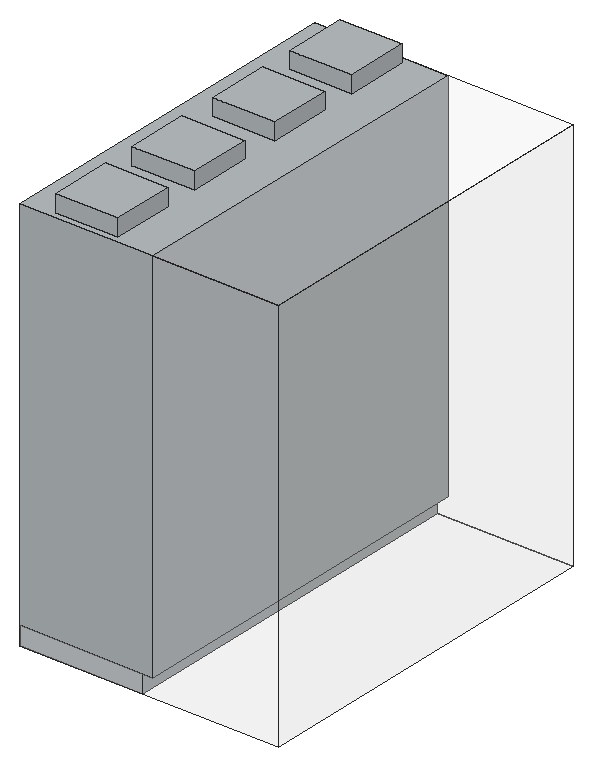
Revit family "lf-150_200x2-(f)60_60Hz", category 機械設備, Revit 2019
Family settings
  丸型コネクタ寸法 = 直径を使用
  パーツ タイプ = 標準
  OmniClass 番号 = 23.75.10.34.21
  OmniClass タイトル = Heat Exchangers for Ventilation Air
  作業面ベース = いいえ
  常に垂直 = はい
  ロード時にボイドで切り取り = いいえ
  共有 = いいえ
  部屋計算ポイント = はい
Parameters (values of type "LF-200X2-F60")
  騒音レベル(dB(A)) = 48
  風量 = 2000.0 m³/h
  面風速 = 6.17 m/s
  電源種別 [instance] = ""
  電圧 = 200 V
  電動機出力 = 0 W
  集中コントローラ = ""
  運転質量 = 0.00 kg
  連動 [instance] = ""
  質量 = if(製品質量 > 運転質量, 製品質量, 運転質量) * 1.2  # 354.00 kg
  負荷分類 = 3_ファン類
  説明 = "設備用ロスナイ 床置形 インバータ端子付"
  設計風量 = 0.0 m³/h
  設置方法 = "床置形"
  記号 [instance] = ""
  製造元 = "三菱電機株式会社"
  製品質量 = 295.00 kg
  製品出荷対象 = "国内"
  製品リリース年月 = "2018/7/25"
  製品グループ = ""
  系統 [instance] = ""
  符号 = "HEU"
  積算_科目 = "1 空気調和設備"
  積算_拾い区分 [instance] = ""
  相 = 3
  盤記号 [instance] = ""
  発停方法 [instance] = ""
  特殊仕様 [instance] = ""
  火災停止 [instance] = ""
  温度交換効率 = 75.00%
  消費電力 = 1650 W
  法定耐用年数 = "15"
  機外静圧_排気 = 330.0 Pa
  機外静圧 = 330.0 Pa
  極数 = 3
  材質 [instance] = ""
  本体固定用穴ピッチ2 = 850 mm
  本体固定用穴ピッチ1 = 550 mm
  本体固定用穴_径 = 20 mm
  本体マテリアル = 溶融亜鉛めっき鋼板
  操作・制御方式 = ""
  操作・制御スイッチ = ""
  排気量 = 0.0 m³/h
  形式 = "床置形"
  幹線記号 [instance] = ""
  対象室 [instance] = ""
  実風量 = 0.0 m³/h
  始動方式 [instance] = "直入"
  外気量 = 0.0 m³/h
  呼称 = "全熱交換ユニット"
  周波数 = 60 Hz
  参照している仕様書等のバージョン = "公共建築工事標準仕様書（機械設備工事編）平成31年度版"
  初期抵抗 = 0.0 Pa
  分類コード = "50052504100050"
  分類グループ = ""
  価格 = 4227000
  企業コード = "108420"
  付属品_フィルター_還気 = ""
  付属品_フィルター = ""
  付属品 [instance] = ""
  仕様書バージョン = "Version1.0"
  モデル = "LF-200X2-F60"
  メンテナンススペース = yes
  コメント [instance] = ""
  Keynote = ""
  エンタルピ交換効率_暖房 = 68.00%
  エンタルピ交換効率_冷房 = 65.00%
  Assembly Code = ""
  Width = 635 mm
  W1 = 585 mm
  Version = ""
  Uniclass2015Version = "Systems v1.9"
  Uniclass2015Title = "Thermal wheels"
  Uniclass2015Code = "Pr_60_60_36_88"
  URL = "https://www.mitsubishielectric.co.jp/ldg/wink/ssl/displayProduct.do?pid=294071"
  SpecificationReference = ""
  SpecificationDescription = ""
  SAサイズ_W = 298 mm
  SAサイズ_D = 298 mm
  Revision = ""
  RAサイズ_W = 298 mm
  RAサイズ_D = 298 mm
  ProductInformation = ""
  OmniClassCode = "23-27 23 19 11"
  OAサイズ_W = 298 mm
  OAサイズ_D = 298 mm
  MIN風量 = 0.0 m³/h
  MIN静圧 = 0.0 Pa
  MID風量 = 0.0 m³/h
  MID静圧 = 0.0 Pa
  MAX風量 = 2000.0 m³/h
  MAX静圧 = 330.0 Pa
  IfcTypeProduct = ""
  IfcProduct = ""
  IfcExportType = "ROTARYWHEEL"
  IfcExportAs = "IfcAirToAirHeatRecoveryType"
  Height = 1800 mm
  H1 = 90 mm
  EAサイズ_W = 298 mm
  EAサイズ_D = 298 mm
  Duct_Pitch2 = 458 mm
  Duct_Pitch1 = 479 mm
  Duct_Height = 80 mm
  Depth = 1760 mm
  D1 = 1750 mm
  Clearance Top = 0 mm
  Clearance Right = 600 mm
  Clearance Left = 0 mm
  Clearance Front = 0 mm
  Clearance Bottom = 0 mm
  Clearance Back = 0 mm
  Author = "三菱電機株式会社"
Types (4, lengths in mm): name | 騒音レベル(dB(A)) | 風量 | 面風速 | 質量 | 説明 | 製品質量 | 消費電力 | 機外静圧_排気 | 機外静圧 | 価格 | モデル | URL | MAX風量 | MAX静圧
  LF-150X2-60 | 43.5 | 1500.0 m³/h | 4.63 m/s | 348.00 kg | "設備用ロスナイ 床置形" | 290.00 kg | 1210 W | 320.0 Pa | 320.0 Pa | 3213000 | "LF-150X2-60" | "https://www.mitsubishielectric.co.jp/ldg/wink/ssl/displayProduct.do?pid=294051" | 1500.0 m³/h | 320.0 Pa
  LF-200X2-60 | 48 | 2000.0 m³/h | 6.17 m/s | 354.00 kg | "設備用ロスナイ 床置形" | 295.00 kg | 1650 W | 330.0 Pa | 330.0 Pa | 3843000 | "LF-200X2-60" | "https://www.mitsubishielectric.co.jp/ldg/wink/ssl/displayProduct.do?pid=294053" | 2000.0 m³/h | 330.0 Pa
  LF-150X2-F60 | 43.5 | 1500.0 m³/h | 4.63 m/s | 348.00 kg | "設備用ロスナイ 床置形 インバータ端子付" | 290.00 kg | 1210 W | 320.0 Pa | 320.0 Pa | 3532000 | "LF-150X2-F60" | "https://www.mitsubishielectric.co.jp/ldg/wink/ssl/displayProduct.do?pid=294070" | 1500.0 m³/h | 320.0 Pa
  LF-200X2-F60 | 48 | 2000.0 m³/h | 6.17 m/s | 354.00 kg | "設備用ロスナイ 床置形 インバータ端子付" | 295.00 kg | 1650 W | 330.0 Pa | 330.0 Pa | 4227000 | "LF-200X2-F60" | "https://www.mitsubishielectric.co.jp/ldg/wink/ssl/displayProduct.do?pid=294071" | 2000.0 m³/h | 330.0 Pa
Reference planes
  plane 1 "中心(正面/背面)": y = 0
  plane 2: z = 0
  plane 3 "中心(左/右)": x = 0
  plane 4: x = 292.5
  plane 5: x = 342.5
  plane 6: y = 880
  plane 7: y = 875
  plane 8: y = -880
  plane 9: y = -875
  plane 10: x = -292.5
  plane 11: x = -292.5
  plane 12: y = 239.5
  plane 13: y = 697.5
  plane 14: y = -239.5
  plane 15: y = -697.5
  plane 16: y = -548.5
  plane 17: y = -846.5
  plane 18: y = -90.5
  plane 19: y = -388.5
  plane 20: y = 388.5
  plane 21: y = 90.5
  plane 22: y = 846.5
  plane 23: y = 548.5
  plane 24: x = -149
  plane 25: x = 149
  plane 26: z = 90
  plane 27: z = 1890
  plane 28: z = 1970
  plane 29: y = 850
  plane 30: y = -850
  plane 31: x = -275
  plane 32: x = 275
  plane 33: x = 942.5
  plane 34: x = -292.5
  plane 35: y = 880
  plane 36: y = -880
  plane 37: z = 1890
  plane 38: z = 0
Forms (mm)
  Extrusion 1, solid, material "溶融亜鉛めっき鋼板" <- "本体マテリアル", detail levels fine
    sketch origin (0, 0, 0) x (1, 0, 0) y (0, 1, 0)
      loop
        line (-292.5, 880) -> (-292.5, -880) -> (342.5, -880) -> (342.5, 880) -> (-292.5, 880)
    from 90 to 1890
  Extrusion 2, solid, material "溶融亜鉛めっき鋼板" <- "本体マテリアル", detail levels fine
    sketch origin (0, 0, 0) x (1, 0, 0) y (0, 1, 0)
      loop
        line (-292.5, 875) -> (-292.5, -875) -> (292.5, -875) -> (292.5, 875) -> (-292.5, 875)
    from 0 to 90
  Extrusion 3, solid, material "溶融亜鉛めっき鋼板" <- "本体マテリアル", detail levels fine
    sketch origin (0, 0, 0) x (1, 0, 0) y (0, 1, 0)
      loop
        line (-149, 846.5) -> (-149, 548.5) -> (149, 548.5) -> (149, 846.5) -> (-149, 846.5)
      loop
        line (-149, 388.5) -> (-149, 90.5) -> (149, 90.5) -> (149, 388.5) -> (-149, 388.5)
      loop
        line (-149, -388.5) -> (149, -388.5) -> (149, -90.5) -> (-149, -90.5) -> (-149, -388.5)
      loop
        line (-149, -548.5) -> (-149, -846.5) -> (149, -846.5) -> (149, -548.5) -> (-149, -548.5)
    from 1890 to 1970
Lines and regions (mm)
  Masking region 1, detail levels coarse+medium
    outline origin (1331.5, 88, 0) x (1, 0, 0) y (0, 1, 0)
      loop
        line (-1624, 787) -> (-1624, -963) -> (-1039, -963) -> (-1039, 787) -> (-1624, 787)
  symbolic lines, detail levels coarse+medium
    curve 1: line (0, 875, 0) -> (-292.5, 0, 0)
    curve 2: line (-292.5, 0, 0) -> (0, -875, 0)
    curve 3: line (0, -875, 0) -> (292.5, 0, 0)
    curve 4: line (0, 875, 0) -> (292.5, 0, 0)
Dimensions and locks
  equal spacing: plane 10, plane 3 "中心(左/右)", plane 4
  "W1": plane 10 to plane 4
  "Width": plane 11 to plane 5
  equal spacing: plane 7, plane 1 "中心(正面/背面)", plane 9
  "D1": plane 7 to plane 9
  equal spacing: plane 6, plane 1 "中心(正面/背面)", plane 8
  "Depth": plane 6 to plane 8
  equal spacing: plane 12, plane 1 "中心(正面/背面)", plane 14
  "Duct_Pitch1": plane 12 to plane 14
  "Duct_Pitch2": plane 13 to plane 12
  "Duct_Pitch2": plane 15 to plane 14
  equal spacing: plane 16, plane 15, plane 17
  "SAサイズ_D": plane 16 to plane 17
  equal spacing: plane 19, plane 14, plane 18
  "RAサイズ_D": plane 19 to plane 18
  equal spacing: plane 21, plane 12, plane 20
  "OAサイズ_D": plane 21 to plane 20
  equal spacing: plane 23, plane 13, plane 22
  "EAサイズ_D": plane 23 to plane 22
  equal spacing: plane 24, plane 3 "中心(左/右)", plane 25
  "SAサイズ_W": plane 24 to plane 25
  locked: plane 11 to plane 10 at 0
  "H1": plane 26 to level
  "Height": plane 27 to plane 26
  "Duct_Height": plane 28 to plane 27
  "本体固定用穴ピッチ2": plane 1 "中心(正面/背面)" to plane 29
  "本体固定用穴ピッチ2": plane 30 to plane 1 "中心(正面/背面)"
  equal spacing: plane 31, plane 3 "中心(左/右)", plane 32
  "本体固定用穴ピッチ1": plane 31 to plane 32
  "Clearance Right": plane 5 to plane 33
  "Clearance Left": plane 34 to plane 11
  "Clearance Back": plane 35 to plane 6
  "Clearance Front": plane 8 to plane 36
  "Clearance Top": plane 37 to plane 27
  "Clearance Bottom": level to plane 38
  aligned and locked: level to plane 2
  aligned and locked: Extrusion 1 sketch curve to plane 6
  aligned and locked: plane 10 to Extrusion 1 sketch curve
  aligned and locked: Extrusion 1 sketch curve to plane 8
  aligned and locked: Extrusion 2 sketch curve to plane 7
  aligned and locked: plane 11 to Extrusion 2 sketch curve
  aligned and locked: Extrusion 2 sketch curve to plane 9
  aligned and locked: Extrusion 3 sketch curve to plane 22
  aligned and locked: plane 24 to Extrusion 3 sketch curve  (x3)
  aligned and locked: Extrusion 3 sketch curve to plane 23
  aligned and locked: plane 25 to Extrusion 3 sketch curve  (x3)
  aligned and locked: Extrusion 3 sketch curve to plane 20
  aligned and locked: Extrusion 3 sketch curve to plane 21
  aligned and locked: plane 19 to Extrusion 3 sketch curve
  aligned and locked: Extrusion 3 sketch curve to plane 24
  aligned and locked: plane 18 to Extrusion 3 sketch curve
  aligned and locked: Extrusion 3 sketch curve to plane 25
  aligned and locked: Extrusion 3 sketch curve to plane 16
  aligned and locked: Extrusion 3 sketch curve to plane 17
  aligned and locked: plane 9 to Masking region 1
  aligned and locked: Masking region 1 to plane 11
  aligned and locked: plane 7 to Masking region 1
  aligned and locked: Masking region 1 to curve 1
  aligned and locked: Masking region 1 to curve 2
  aligned and locked: plane 26 to Extrusion 2
  aligned and locked: plane 27 to Extrusion 1
  aligned and locked: Extrusion 1 to plane 26
  aligned and locked: plane 28 to Extrusion 3
  aligned and locked: Extrusion 3 to plane 27
  aligned and locked: plane 33 to nested 1
  aligned and locked: nested 1 to plane 36
  aligned and locked: nested 1 to plane 35
  aligned and locked: nested 1 to plane 37
  aligned and locked: nested 1 to plane 38
  aligned and locked: plane 9 to curve 2
  aligned and locked: plane 3 "中心(左/右)" to curve 3
  aligned and locked: plane 4 to curve 3
  aligned and locked: plane 3 "中心(左/右)" to curve 4
  aligned and locked: plane 1 "中心(正面/背面)" to curve 4
  aligned and locked: plane 30 to nested 2
  aligned and locked: plane 31 to nested 2
  aligned and locked: nested 2 to plane 32
  aligned and locked: plane 31 to nested 3
  aligned and locked: nested 3 to plane 32
  aligned and locked: plane 1 "中心(正面/背面)" to nested 3
  aligned and locked: plane 31 to nested 4
  aligned and locked: nested 4 to plane 32
  aligned and locked: nested 4 to plane 29
  aligned and locked: nested 1 to plane 34
  aligned and locked: Masking region 1 to plane 4
  aligned and locked: plane 4 to Extrusion 2 sketch curve
  aligned and locked: plane 5 to Extrusion 1 sketch curve
Automatic sketch dimensions
  plane 9 to Masking region 1 sketch curve = 0 mm
  Masking region 1 sketch curve to plane 10 = 0 mm
  plane 5 to Masking region 1 sketch curve = 50 mm
  Masking region 1 sketch curve to plane 7 = 0 mm
  plane 1 "中心(正面/背面)" to curve 1 = 0 mm
  curve 1 to plane 10 = 0 mm
  curve 4 to plane 7 = 0 mm
Nested families
  nested 1: "メンテナンススペース" at (325, 0, 945), visible <- "メンテナンススペース", type "メンテナンススペース"
    with Width 1235 mm, Height 1890 mm, Depth 1760 mm
  nested 2: "固定点" at (-275, -850, 0), type "固定点"
    with W 550 mm, D 1000 mm
  nested 3: "固定点" at (-275, 0, 0), type "固定点"
    with W 550 mm, D 1000 mm
  nested 4: "固定点" at (-275, 850, 0), type "固定点"
    with W 550 mm, D 1000 mm
Connectors
  hvac at (0, -697.5, 1970), driven by "SAサイズ_D", driven by "SAサイズ_W", driven by "機外静圧", driven by "風量"
    settings: on Extrusion 3, index 1, duct flow 2000.0 m³/h, flow factor 0, pres drop 330.0 Pa, loss coef 0, conn angle 0.00°, conn width 298 mm, conn height 298 mm, conn diameter 609.6 mm, duct sys type 1, conn prof type 1, flow config 0, flow direction 2, loss method 4, conn ref index -1, conn util no, is conn primary yes, conn desc ""
  hvac at (0, -239.5, 1970), driven by "RAサイズ_D", driven by "RAサイズ_W", driven by "機外静圧", driven by "風量"
    settings: on Extrusion 3, index 2, duct flow 2000.0 m³/h, flow factor 0, pres drop 330.0 Pa, loss coef 0, conn angle 0.00°, conn width 298 mm, conn height 298 mm, conn diameter 609.6 mm, duct sys type 2, conn prof type 1, flow config 0, flow direction 1, loss method 4, conn ref index -1, conn util no, is conn primary no, conn desc ""
  hvac at (0, 239.5, 1970), driven by "OAサイズ_D", driven by "OAサイズ_W", driven by "機外静圧", driven by "外気量"
    settings: on Extrusion 3, index 3, duct flow 0.0 m³/h, flow factor 0, pres drop 330.0 Pa, loss coef 0, conn angle 0.00°, conn width 298 mm, conn height 298 mm, conn diameter 609.6 mm, duct sys type 4, conn prof type 1, flow config 0, flow direction 1, loss method 4, conn ref index -1, conn util no, is conn primary no, conn desc ""
  hvac at (0, 697.5, 1970), driven by "EAサイズ_D", driven by "EAサイズ_W", driven by "機外静圧_排気", driven by "排気量"
    settings: on Extrusion 3, index 4, duct flow 0.0 m³/h, flow factor 0, pres drop 330.0 Pa, loss coef 0, conn angle 0.00°, conn width 298 mm, conn height 298 mm, conn diameter 609.6 mm, duct sys type 3, conn prof type 1, flow config 0, flow direction 2, loss method 4, conn ref index -1, conn util no, is conn primary no, conn desc ""
  electrical at (342.5, 0, 990), driven by "極数", driven by "負荷分類", driven by "電圧", driven by "消費電力"
    settings: on Extrusion 1, index 5, voltage 200 V, apparent load 1650 VA, apparent load phase1 0 VA, apparent load phase2 0 VA, apparent load phase3 0 VA, power factor 1, load classification "3_ファン類", number of poles 3, system type 30, power factor state 1, is connector primary yes, connector utility no, sub classification motor no, connector description ""
Definition of nested family "メンテナンススペース"
  Parameters (values of type "メンテナンススペース")
    Width [instance] = 500 mm
    Height [instance] = 500 mm
    Depth [instance] = 500 mm
  Reference planes
    plane 1 "中心(正面/背面)": y = 0
    plane 2: z = 0
    plane 3 "中心(左/右)": x = 0
    plane 4: y = -250
    plane 5: x = 250
    plane 6: y = 250
    plane 7: x = -250
    plane 8: z = 250
    plane 9: z = -250
  Forms (mm)
    Extrusion 1, solid
      sketch origin (-638.939, 0, 72.39) x (1, 0, 0) y (0, 1, 0)
        loop
          line (388.939, 250) -> (388.939, -250) -> (888.939, -250) -> (888.939, 250) -> (388.939, 250)
      from -322.39 to 177.61
  Lines and regions (mm)
    symbolic lines
      curve 1: line (-250, 0, 250) -> (250, 0, 250)
      curve 2: line (-250, 0, -250) -> (-250, 0, 250)
      curve 3: line (250, 0, -250) -> (-250, 0, -250)
      curve 4: line (250, 0, 250) -> (250, 0, -250)
      curve 5: line (0, -250, 250) -> (0, 250, 250)
      curve 6: line (0, -250, -250) -> (0, -250, 250)
      curve 7: line (0, 250, -250) -> (0, -250, -250)
      curve 8: line (0, 250, 250) -> (0, 250, -250)
      curve 9: line (-250, 250, 0) -> (250, 250, 0)
      curve 10: line (-250, -250, 0) -> (-250, 250, 0)
      curve 11: line (250, -250, 0) -> (-250, -250, 0)
      curve 12: line (250, 250, 0) -> (250, -250, 0)
  Dimensions and locks
    equal spacing: plane 7, plane 3 "中心(左/右)", plane 5
    equal spacing: plane 4, plane 1 "中心(正面/背面)", plane 6
    "Depth": plane 4 to plane 6
    "Width": plane 7 to plane 5
    equal spacing: plane 8, plane 2, plane 9
    "Height": plane 8 to plane 9
    aligned and locked: plane 9 to curve 3
    aligned and locked: plane 7 to curve 2
    aligned and locked: curve 4 to plane 5
    aligned and locked: plane 5 to Extrusion 1
    aligned and locked: Extrusion 1 to plane 7
    aligned and locked: Extrusion 1 to plane 9
    aligned and locked: plane 8 to Extrusion 1
    aligned and locked: plane 9 to curve 7
  Automatic sketch dimensions
    plane 4 to Extrusion 1 sketch curve = 0 mm
    Extrusion 1 sketch curve to plane 7 = 0 mm
    Extrusion 1 sketch curve to plane 5 = 0 mm
    plane 6 to Extrusion 1 sketch curve = 0 mm
    curve 2 to plane 8 = 0 mm
    plane 4 to curve 11 = 0 mm
    curve 11 to plane 7 = 0 mm
    curve 11 to plane 5 = 0 mm
    plane 6 to curve 10 = 0 mm
    curve 7 to plane 4 = 0 mm
    curve 7 to plane 6 = 0 mm
    curve 6 to plane 8 = 0 mm
Definition of nested family "固定点"
  Parameters (values of type "固定点")
    中心円 = 20 mm
    W [instance] = 1000 mm
    D [instance] = 1000 mm
  Reference planes
    plane 1 "中心(正面/背面)": y = 0
    plane 2: z = 0
    plane 3 "中心(左/右)": x = 0
    plane 4: x = 1000
  Lines and regions (mm)
    symbolic lines, detail levels fine
      curve 1: circle (0, 0, 0) r 10 normal (0, 0, 1)
      curve 2: circle (1000, 0, 0) r 10 normal (0, 0, 1)
      curve 3: line (-200, 0, 0) -> (1200, 0, 0)
      curve 4: line (0, 200, 0) -> (0, -200, 0)
      curve 5: line (1000, 200, 0) -> (1000, -200, 0)
  Dimensions and locks
    "W": plane 3 "中心(左/右)" to plane 4
    "中心円": diameter of curve 1
    "中心円": diameter of curve 2
    aligned and locked: level to plane 2
    aligned and locked: plane 3 "中心(左/右)" to curve 1
    aligned and locked: plane 1 "中心(正面/背面)" to curve 1
    aligned and locked: plane 1 "中心(正面/背面)" to curve 2
    aligned and locked: plane 4 to curve 2
    aligned and locked: plane 1 "中心(正面/背面)" to curve 3
    aligned and locked: curve 4 to plane 3 "中心(左/右)"
    aligned and locked: curve 5 to plane 4
  Automatic sketch dimensions
    curve 3 to plane 3 "中心(左/右)" = 200 mm
    curve 2 to curve 3 = 200 mm
    plane 1 "中心(正面/背面)" to curve 4 = 200 mm
    plane 1 "中心(正面/背面)" to curve 5 = 200 mm
    curve 5 to plane 1 "中心(正面/背面)" = 200 mm
    curve 4 to plane 1 "中心(正面/背面)" = 200 mm
